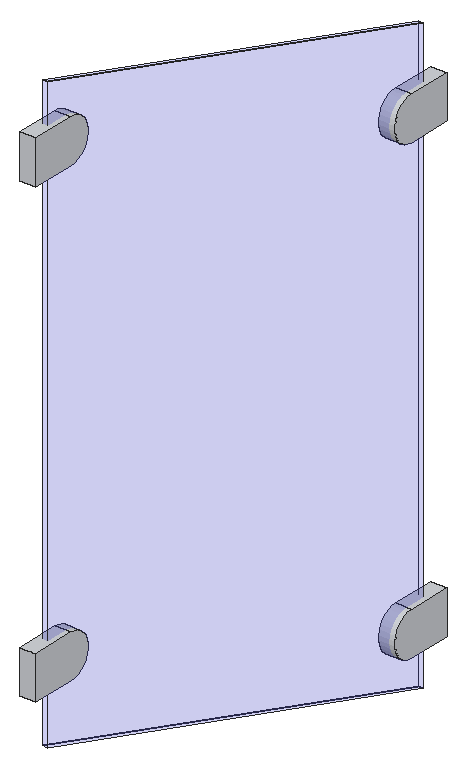
Revit family "M_Baluster Panel - Glass w Brackets", category 난간동자, Revit 2026
Family settings
  항상 수직 = 예
  로드될 때 보이드를 사용하여 절단 = 아니오
  공유 = 아니오
Parameters (values of type "600mm w 25mm Gap")
  built-in parameter 1008623 [instance] = (empty or 0)
  Thickness [instance] = 6 mm
  built-in parameter 1008625 [instance] = 18.00°
  Post = no
  Panel Material = Glass
  Width [instance] = 600 mm
  Panel Gap = 25 mm
  Bracket Offset = 100 mm
  Bracket Material = none
  built-in parameter 1008624 [instance] = (empty or 0)
  built-in parameter 1008622 [instance] = 750 mm
Types (3, lengths in mm): name | Width
  (no name) | 600
  600mm w 25mm Gap | 600
  450mm w 25mm Gap | 450
Reference planes
  plane 1 "Center (Front/Back)": y = 0
  plane 2: z = 0
  plane 3 "Center (Left/Right)": x = 3.175
  plane 4 "Top": z = 750
  plane 5 "Slope Angle (Top)": through (0, 220.419, 678.381) normal (0, -0.309, -0.9511)
  plane 6 "Slope Angle (Bottom)": through (0, 0, 0) normal (0, -0.309, -0.9511)
  plane 7 "Front": y = 300
  plane 8 "Back": y = -300
  plane 9: x = 0.175
  plane 10: x = 6.175
  plane 11: x = -6.175
  plane 12: x = 12.525
Forms (mm)
  Extrusion 1, solid, material "Glass" <- "Panel Material"
    sketch origin (3.175, 0, 0) x (0, 1, 0) y (0, 0, 1)
      loop
        line (275, -63.066) -> (275, 634.361) -> (-275, 813.066) -> (-275, 115.639) -> (275, -63.066)
    from -3 to 3
  Extrusion 2, solid, material <- "Bracket Material"
    sketch origin (3.175, 0, 0) x (0, 1, 0) y (0, 0, 1)
      loop
        line (300, 33.07) -> (249.2, 33.07)
        arc (249.2, 33.07) -> (223.8, 7.67) -> (249.2, -17.73) r 25.4
        line (249.2, -17.73) -> (300, -17.73) -> (300, 33.07)
    from -9.35 to 9.35
  Extrusion 3, solid, material <- "Bracket Material"
    sketch origin (3.175, 0, 0) x (0, 1, 0) y (0, 0, 1)
      loop
        line (-300, 228.022) -> (-300, 177.222) -> (-249.2, 177.222)
        arc (-249.2, 177.222) -> (-223.8, 202.622) -> (-249.2, 228.022) r 25.4
        line (-249.2, 228.022) -> (-300, 228.022)
    from -9.35 to 9.35
  Extrusion 4, solid, material <- "Bracket Material"
    sketch origin (3.175, 0, 0) x (0, 1, 0) y (0, 0, 1)
      loop
        line (300, 572.778) -> (249.2, 572.778)
        arc (249.2, 572.778) -> (223.8, 547.378) -> (249.2, 521.978) r 25.4
        line (249.2, 521.978) -> (300, 521.978) -> (300, 572.778)
    from -9.35 to 9.35
  Extrusion 5, solid, material <- "Bracket Material"
    sketch origin (3.175, 0, 0) x (0, 1, 0) y (0, 0, 1)
      loop
        line (-300, 767.73) -> (-300, 716.93) -> (-249.2, 716.93)
        arc (-249.2, 716.93) -> (-223.8, 742.33) -> (-249.2, 767.73) r 25.4
        line (-249.2, 767.73) -> (-300, 767.73)
    from -9.35 to 9.35
Lines and regions (mm)
  model lines, style "InvisibleLines"
    curve 1: line (3.175, 300, 626.238) -> (3.175, -300, 821.189)
    curve 2: line (3.175, 300, -71.189) -> (3.175, -300, 123.762)
    curve 3: line (3.175, 275, -89.353) -> (3.175, 275, 660.647)
    curve 4: line (3.175, -275, 89.353) -> (3.175, -275, 839.353)
  symbolic lines, style "InvisibleLines"
    curve 5: line (0, 300, 7.67) -> (0, -300, 202.622)
    curve 6: line (0, 300, 547.378) -> (0, -300, 742.33)
Text (mm)
  text "Baluster Panel Elevation" at (0, 1279.138, 1234.25), in view "Left"
Dimensions and locks
  "built-in parameter 1008622": plane 2 to plane 4 "Top"
  "Width": plane 8 "Back" to plane 7 "Front"
  equal spacing: plane 8 "Back", plane 1 "Center (Front/Back)", plane 7 "Front"
  "Thickness": plane 9 to plane 10
  equal spacing: plane 9, plane 3 "Center (Left/Right)", plane 10
  "Panel Gap": curve 1 to plane 5 "Slope Angle (Top)"  (x2)
  "Panel Gap": plane 6 "Slope Angle (Bottom)" to curve 2  (x2)
  "Panel Gap": plane 7 "Front" to curve 3  (x2)
  "Panel Gap": curve 4 to plane 8 "Back"  (x2)
  "Bracket Offset": plane 6 "Slope Angle (Bottom)" to curve 5  (x2)
  locked: curve 5 to Extrusion 2 sketch curve at 25.4
  locked: Extrusion 2 sketch curve to curve 5 at 25.4
  locked: plane 11 to plane 9 at 6.35
  locked: plane 10 to plane 12 at 6.35
  locked: Extrusion 3 sketch curve to curve 5 at 25.4
  locked: curve 5 to Extrusion 3 sketch curve at 25.4
  "Bracket Offset": curve 6 to plane 5 "Slope Angle (Top)"  (x2)
  locked: curve 6 to Extrusion 4 sketch curve at 25.4
  locked: Extrusion 4 sketch curve to curve 6 at 25.4
  locked: Extrusion 5 sketch curve to curve 6 at 25.4
  locked: curve 6 to Extrusion 5 sketch curve at 25.4
  "built-in parameter 1008625": angle plane 4 "Top" to plane 5 "Slope Angle (Top)"
  "built-in parameter 1008625": angle level to plane 6 "Slope Angle (Bottom)"
  aligned and locked: plane 9 to Extrusion 1
  aligned and locked: Extrusion 1 to plane 10
  aligned and locked: plane 8 "Back" to curve 2
  aligned and locked: plane 7 "Front" to curve 2
  aligned and locked: plane 5 "Slope Angle (Top)" to curve 4
  aligned and locked: plane 6 "Slope Angle (Bottom)" to curve 4
  aligned and locked: plane 5 "Slope Angle (Top)" to curve 3
  aligned and locked: plane 6 "Slope Angle (Bottom)" to curve 3
  aligned and locked: curve 1 to Extrusion 1 sketch curve
  aligned and locked: Extrusion 1 sketch curve to curve 2
  aligned and locked: Extrusion 1 sketch curve to curve 4
  aligned and locked: curve 3 to Extrusion 1 sketch curve
  aligned and locked: plane 8 "Back" to curve 5
  aligned and locked: plane 7 "Front" to Extrusion 2 sketch curve
  aligned and locked: plane 11 to Extrusion 2
  aligned and locked: Extrusion 2 to plane 12
  aligned and locked: Extrusion 3 to plane 12
  aligned and locked: plane 11 to Extrusion 3
  aligned and locked: plane 8 "Back" to curve 6
  aligned and locked: plane 7 "Front" to curve 6
  aligned and locked: Extrusion 4 sketch curve to plane 7 "Front"
  aligned and locked: plane 11 to Extrusion 5
  aligned and locked: Extrusion 5 to plane 12
  aligned and locked: plane 11 to Extrusion 4
  aligned and locked: Extrusion 4 to plane 12
Automatic sketch dimensions
  plane 7 "Front" to Extrusion 2 sketch curve = 50.8 mm
  Extrusion 3 sketch curve to plane 8 "Back" = 0 mm
  Extrusion 3 sketch curve to Extrusion 3 sketch curve = 50.8 mm
  curve 5 to plane 7 "Front" = 0 mm
  curve 1 to plane 7 "Front" = 0 mm
  curve 1 to plane 8 "Back" = 0 mm
  plane 7 "Front" to Extrusion 4 sketch curve = 50.8 mm
  Extrusion 5 sketch curve to plane 8 "Back" = 0 mm
  Extrusion 5 sketch curve to Extrusion 5 sketch curve = 50.8 mm
